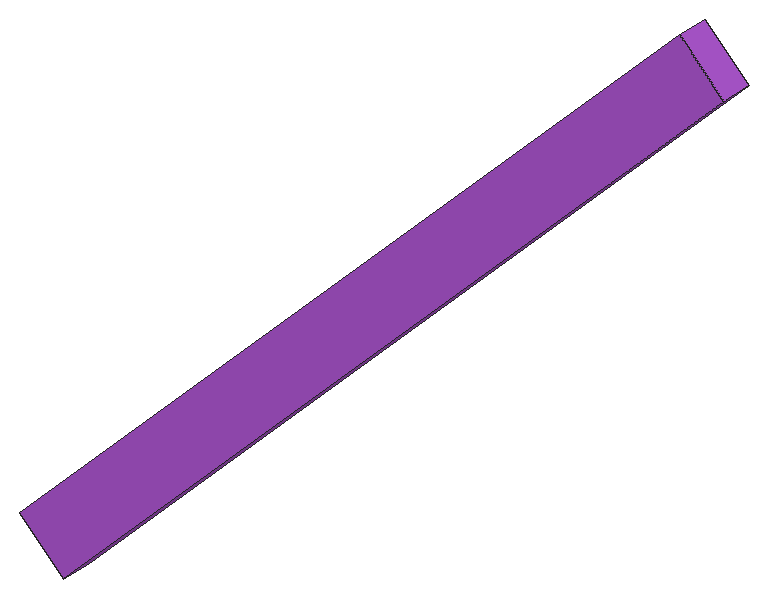
Revit family "ケーブルトレイサポート_H形鋼", category 一般モデル, Revit 2020
Family settings
  鉄筋をホスト可能 = いいえ
  丸型コネクタ寸法 = 直径を使用
  パーツ タイプ = 標準
  作業面ベース = はい
  常に垂直 = いいえ
  ロード時にボイドで切り取り = いいえ
  共有 = いいえ
  部屋計算ポイント = いいえ
Parameters (values of type "Ｈ 900 x 300")
  高さ = 100 mm
  長辺 [instance] = 長さ  # 1500 mm
  長さ [instance] = 1500 mm
  部屋名 = ""
  角度 [instance] = 45.00°
  Default Elevation = 1219.2 mm
  構造マテリアル = E304_ケーブルトレイサポート
  幅 = 50 mm
Types (33, lengths in mm): name | 高さ | 長辺 | 長さ | 角度 | 幅
  Ｈ 900 x 300 | 100 | 1500 | 1500 | 45.00° | 50
  Ｈ 800 x 300 | 800 | 1000 | 1000 | 45.00° | 300
  Ｈ 700 x 300 | 700 | 1000 | 1000 | 45.00° | 300
  Ｈ 588 x 300 | 588 | 1000 | 1000 | 45.00° | 300
  Ｈ 600 x 200 | 600 | 1000 | 1000 | 45.00° | 200
  Ｈ 488 x 300 | 488 | 1000 | 1000 | 45.00° | 300
  Ｈ 500 x 200 | 500 | 1000 | 1000 | 45.00° | 200
  Ｈ 440 x 300 | 440 | 1000 | 1000 | 45.00° | 300
  Ｈ 450 x 200 | 450 | 1000 | 1000 | 90.00° | 200
  Ｈ 400 x 400 | 400 | 1000 | 1000 | 45.00° | 400
  Ｈ 390 x 300 | 390 | 1000 | 1000 | 45.00° | 300
  Ｈ 400 x 200 | 400 | 1000 | 1000 | 45.00° | 200
  Ｈ 350 x 350 | 350 | 1000 | 1000 | 45.00° | 350
  Ｈ 340 x 250 | 340 | 1000 | 1000 | 45.00° | 250
  Ｈ 294 x 200 | 294 | 1000 | 1000 | 45.00° | 200
  Ｈ 244 x 175 | 244 | 1000 | 1000 | 45.00° | 175
  Ｈ 350 x 175 | 350 | 1000 | 1000 | 45.00° | 175
  Ｈ 300 x 300 | 300 | 1000 | 1000 | 45.00° | 300
  Ｈ 300 x 150 | 300 | 1000 | 1000 | 45.00° | 150
  Ｈ 250 x 250 | 250 | 1000 | 1000 | 45.00° | 250
  Ｈ 250 x 125 | 250 | 1000 | 1000 | 45.00° | 125
  Ｈ 200 x 200 | 200 | 1000 | 1000 | 45.00° | 200
  Ｈ 194 x 150 | 194 | 1000 | 1000 | 45.00° | 150
  Ｈ 200 x 100 | 200 | 1000 | 1000 | 45.00° | 100
  Ｈ 175 x 175 | 175 | 1000 | 1000 | 45.00° | 175
  Ｈ 175 x 90 | 175 | 1000 | 1000 | 45.00° | 90
  Ｈ 150 x 150 | 150 | 500 | 500 | 45.00° | 150
  Ｈ 148 x 100 | 148 | 1000 | 1000 | 45.00° | 100
  Ｈ 150 x 75 | 150 | 1000 | 1000 | 45.00° | 75
  Ｈ 125 x 125 | 125 | 500 | 500 | 45.00° | 125
  Ｈ 125 x 60 | 125 | 1000 | 1000 | 45.00° | 60
  Ｈ 100 x100 | 100 | 500 | 500 | 45.00° | 100
  Ｈ 100 x 50 | 100 | 1500 | 1500 | 45.00° | 50
Reference planes
  plane 1 "中心(正面/背面)": y = 0
  plane 2: z = 0
  plane 3 "中心(左/右)": x = 0
Lines and regions (mm)
  reference lines
    curve 1: line (0, 0, 0) -> (777.817, 0, 777.817)
    curve 2: line (35.355, 0, -35.355) -> (-35.355, 0, 35.355)
    curve 3: line (1096.016, 0, 1025.305) -> (1025.305, 0, 1096.016)
Dimensions and locks
  equal spacing: curve 2, curve 1, curve 2
  "高さ": curve 2 to curve 2
  equal spacing: curve 3, curve 1, curve 3
  "高さ": curve 3 to curve 3
  "長さ": curve 3 to curve 2
  "角度": angle level to curve 1
  angle curve 2 to curve 1 = 90.00°
  angle curve 3 to curve 1 = 90.00°
  aligned and locked: level to plane 2
  aligned and locked: level to curve 1
  aligned and locked: plane 3 "中心(左/右)" to curve 1
  aligned and locked: nested 1 to curve 1
Nested families
  nested 1: "グレーチング_H形鋼 1" at (-35.355, 0, 35.355) x (0, 1, 0) z (0.7071, 0, -0.7071), 長さ <- "長さ", type "Ｈ 100 x 50"
    with 長辺 1500 mm, 長さ 1500 mm
Definition of nested family "グレーチング_H形鋼 1"
  Parameters (values of type "Ｈ 100 x 50")
    高さ = 100 mm
    長辺 [instance] = 長さ  # 500 mm
    長さ [instance] = 500 mm
    部屋名 = ""
    Default Elevation = 1219.2 mm
    構造マテリアル = none
    幅 = 50 mm
  Reference planes
    plane 1 "中心(正面/背面)": y = 0
    plane 2: z = 0
    plane 3 "中心(左/右)": x = 0
    plane 4: z = 50
    plane 5: z = 100
  Forms (mm)
    Extrusion 1, solid, material <- "構造マテリアル"
      sketch origin (0, 0, 0) x (1, 0, 0) y (0, 1, 0)
        loop
          line (-25, 500) -> (-25, 0) -> (25, 0) -> (25, 500) -> (-25, 500)
      from 0 to 100
  Lines and regions (mm)
    reference lines
      curve 1: line (25, 500, 0) -> (-25, 500, 0)
      curve 2: line (25, 0, 0) -> (-25, 0, 0)
  Dimensions and locks
    "長さ": curve 1 to curve 2
    "幅": Extrusion 1 to Extrusion 1
    equal spacing: Extrusion 1, plane 3 "中心(左/右)", Extrusion 1
    "幅": curve 1 to curve 1
    equal spacing: curve 1, plane 3 "中心(左/右)", curve 1
    "幅": curve 2 to curve 2
    equal spacing: curve 2, plane 3 "中心(左/右)", curve 2
    equal spacing: plane 5, plane 4, level
    "高さ": plane 5 to level
    aligned and locked: level to plane 2
    aligned and locked: Extrusion 1 to curve 2
    aligned and locked: curve 1 to Extrusion 1
    aligned and locked: plane 5 to Extrusion 1
  Automatic sketch dimensions
    Extrusion 1 sketch curve to plane 3 "中心(左/右)" = 25 mm
    plane 3 "中心(左/右)" to Extrusion 1 sketch curve = 25 mm
    plane 1 "中心(正面/背面)" to Extrusion 1 sketch curve = 0 mm
    Extrusion 1 sketch curve to plane 1 "中心(正面/背面)" = 500 mm
    plane 1 "中心(正面/背面)" to curve 2 = 0 mm
